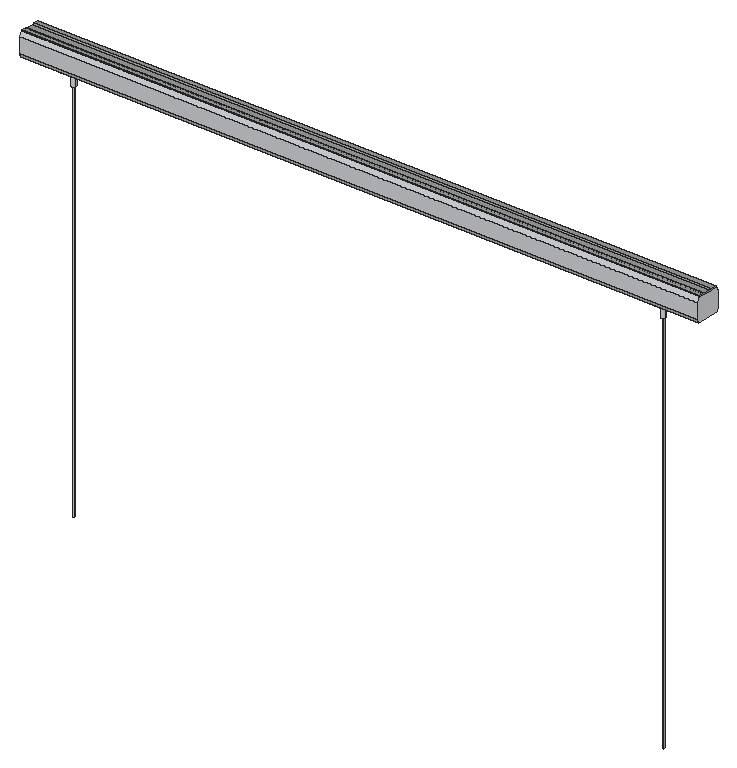
Revit family "0042529 Sylvania Lighting Fixture ISOLINE  1690MM 4K ASYR DA 8C", category Lighting Fixtures, host Face, Revit 2018
Family settings
  Host = Face
  Round Connector Dimension = Use Diameter
  Part Type = Normal
  OmniClass Number = 23.80.70.00
  OmniClass Title = Lighting
  Cut with Voids When Loaded = No
  Light Source = Yes
  Shared = No
  Room Calculation Point = No
Parameters (values of type "0042529 ISOLINE  1690MM 4K ASYR DA 8C")
  suspension height = 1000 mm
  spacer height = 5 mm
  spacer centres = 1000 mm
  height = 58.791 mm
  Width = 62 mm
  Weight = "n/a"
  Wattage Comments = ""
  Wattage = 9.2903 W
  WarrantyStartDate [instance] = "n/a"
  WarrantyGuarantorParts = "n/a"
  WarrantyDurationUnit = "n/a"
  WarrantyDurationParts = ""
  WarrantyDescription = "http://www.sylvania-lighting.com"
  built-in parameter 1150110 = 1 (stored number, unit not read)
  Voltage = 0 V
  URL = "0"
  TypeName = "ISOLINE  1690MM 4K ASYR DA 8C"
  Type Image = <None>
  Type Comments = "n/a"
  built-in parameter 1114217 = 1 (stored number, unit not read)
  Tilt Angle = 90.00°
  built-in parameter 1150109 = 1 (stored number, unit not read)
  built-in parameter 1150134 = 3
  built-in parameter 1150113 = 1 (stored number, unit not read)
  SerialNumber [instance] = "n/a"
  Photometric Web File = "0042529.ies"
  Material_3_FEILO = none
  PowerFactor = 0
  PowerConsumption = "Lighting"
  NominalLength = 62 mm
  NominalHeight = 0 mm
  NominalDepth = 0 mm
  Name = "ISOLINE  1690MM 4K ASYR DA 8C"
  ModelReference = Name  # "ISOLINE  1690MM 4K ASYR DA 8C"
  ModelNumber = "0042529"
  Model = Name  # "ISOLINE  1690MM 4K ASYR DA 8C"
  Material = "Feilo Sylvania"
  ManufacturerName = "143 lm/W"
  Manufacturer = ""
  LuminousEfficacy = ""
  built-in parameter 1150105 = 109.82 (stored number, unit not read)
  Lumens = 1380 lm
  LuminaireType = "0"
  built-in parameter 1150115 = 1 (stored number, unit not read)
  LightOutputRatio = "LED"
  built-in parameter 1150137 = (empty or 0)
  built-in parameter 1150139 = (empty or 0)
  Length = 1690 mm
  LampsType = Lamp  # "n/a"
  LampNominalLuminous = "4000 K"
  LampMacAdamStep = "80"
  LampColourTemperature = "LED"
  LampColourRenderingIndex = "16500"
  built-in parameter 1150112 = 1 (stored number, unit not read)
  built-in parameter 1150114 = 1 (stored number, unit not read)
  Lamp = "n/a"
  Keynote = "n/a"
  InstallationDate [instance] = "n/a"
  InputVoltage = "0"
  InputNominalFrequency = "4000"
  built-in parameter 1150132 = (empty or 0)
  built-in parameter 1150102 = (empty or 0)
  built-in parameter 1150107 = 3200 (stored number, unit not read)
  built-in parameter 1150138 = (empty or 0)
  IngressProtection = "IfcLightFixtureType"
  ImpactProtectionIndex = "IfcLightFixtureType"
  built-in parameter 1150106 = 1.0982 (stored number, unit not read)
  IfcExportType = "IfcLightFixtureType"
  IfcExportAs = "Class I"
  Height = 1000 mm
  ExpectedLife = 50000
  Emit from Circle Diameter = 609.6 mm
  Emit Shape Visible in Rendering = no
  ElectricShockClassification = "143"
  built-in parameter 1150104 = 13.8 (stored number, unit not read)
  DurationUnit = "hours"
  DocumentationLiterature = "http://www.sylvania-lighting.com/product/en-int/products/0042529"
  DimmingControlOptions = "n/a"
  Material_2_FEILO = none
  Dimming Lamp Color Temperature Shift = <None>
  Description = "Isoline LED linear DALI dimmable luminaire for industrial and commercial applications. 1690 mm lenght with asymmetrical (Right) optics provide homogenous light distribution for wide, shelf areas. Suitable for DALI Dimming.  Aluminium housing, RAL 9016. Max + 35 °C operating temperature range, 4000 K, CRI 80, 3 SDMC. 56 W power consumption, 8000 lm luminous flux, 143 lm/W efficacy, 1690 mm x 62 mm x 59 mm (L x W x H) dimensions, IP20, IK03, DC 50/60 Hz, Class I. Lifespan L70:B50 60,000 hours."
  Default Elevation = 1219.2 mm
  CreatedOn = "04/03/2021"
  CreatedBy = "@sylvania-lighting.com"
  Cost = 0
  Color Filter = 16777215
  built-in parameter 1114216 [instance] = (empty or 0)
  ClassificationValue = "EF_70_80"
  ClassificationName = "Uniclass2015"
  Material_1_FEILO = none
  BarCode [instance] = "n/a"
  built-in parameter 1114218 = 1 (stored number, unit not read)
  built-in parameter 1150133 = 10 (stored number, unit not read)
  AssetType = "Fixed"
  AssetIdentifier [instance] = "n/a"
  Assembly Code = "D5020200"
  Apparent Load = 56 VA
  Material_4_FEILO = none
Reference planes
  plane 1 "Center (Front/Back)": y = 0
  plane 2: z = 0
  plane 3 "Center (Left/Right)": x = 0
  plane 4: z = 0
  plane 5: z = 1000
  plane 6: y = 31
  plane 7: y = -31
  plane 8: x = -845
  plane 9: x = 845
  plane 10: x = -37.307
  plane 11: x = 55
  plane 12: z = 1058.791
  plane 13: z = 51
  plane 14: y = -27
  plane 15: y = 27
  plane 16: z = 12
  plane 17: y = -24.969
  plane 18: y = 25
  plane 19: y = 12
  plane 20: y = -12
  plane 21: z = 1.634
  plane 22: y = -8
  plane 23: y = 8
  plane 24: z = 995
  plane 25: y = 26.98
  plane 26: y = 16.98
  plane 27: y = -27.027
  plane 28: y = -17.004
  plane 29: z = 996.5
  plane 30: y = 26.002
  plane 31: y = -26.027
  plane 32: through (-1580, 7.965, 1219.2) normal (0.5391, 0.8423, 0)
  plane 33: through (-1555, 7.965, 1219.2) normal (0.5391, -0.8423, 0)
  plane 34: through (1555, 7.965, 1219.2) normal (0.5391, 0.8423, 0)
  plane 35: through (1580, 8, 1219.2) normal (0.5399, -0.8417, 0)
  plane 36: z = 1058.003
  plane 37: z = 1056.819
  plane 38: x = -735
  plane 39: x = 735
Forms (mm)
  Extrusion 1, solid, detail levels medium+fine
    sketch origin (-1690, -1523.717, -160.594) x (0, -1, -0.000261) y (0, 0.000261, -1)
      loop
        line (-1493, -1168.2) -> (-1497, -1160.2) -> (-1551, -1160.2) -> (-1555, -1168.2) -> (-1555, -1207.2) -> (-1549.109, -1218.982) -> (-1535.466, -1218.982) -> (-1532, -1217.566) -> (-1516, -1217.566) -> (-1512.511, -1218.991) -> (-1498.896, -1218.991) -> (-1493, -1207.2) -> (-1493, -1168.2)
    from 845 to 2535
  Extrusion 2, solid
    sketch origin (722.452, 1524, 1219.247) x (0, 1, 0) y (0, 0, 1)
      loop
        line (-1497.021, -219.189) -> (-1498.02, -219.189) -> (-1507.02, -223.699) -> (-1541.004, -223.699) -> (-1550.017, -219.203) -> (-1551.02, -219.203) -> (-1541.004, -224.2) -> (-1507.02, -224.2) -> (-1497.021, -219.189)
    from 0 to 25
  Extrusion 3, solid
    sketch origin (-747.495, 1524, 1219.189) x (0, 1, 0) y (0, 0, 1)
      loop
        line (-1497.021, -219.189) -> (-1498.02, -219.189) -> (-1507.02, -223.699) -> (-1541.004, -223.699) -> (-1550.017, -219.203) -> (-1551.02, -219.203) -> (-1541.004, -224.2) -> (-1507.02, -224.2) -> (-1497.021, -219.189)
    from 0 to 25
  Extrusion 4, solid
    sketch origin (836.384, 0, 0) x (1, 0, 0) y (0, 1, 0)
      loop
        circle (-1571.7, -0.035) r 5
    from 962.277 to 995
  Extrusion 5, solid
    sketch origin (2306.545, 0.065, 0) x (1, 0, 0) y (0, 1, 0)
      loop
        circle (-1571.7, -0.035) r 5
    from 962.277 to 995
  Extrusion 6, solid
    sketch origin (836.717, 0, 0) x (1, 0, 0) y (0, 1, 0)
      loop
        circle (-1571.7, -0.035) r 1.5
    from 0 to 962.277
  Extrusion 7, solid
    sketch origin (2306.663, 0.033, 0) x (1, 0, 0) y (0, 1, 0)
      loop
        circle (-1571.7, -0.035) r 1.5
    from 0 to 962.277
  Extrusion 8, solid, material "Glass, White, High Luminance", detail levels fine
    sketch origin (319, 1524, 1219.2) x (0, 1, 0) y (0, 0, 1)
      loop
        line (-1498.926, -160.099) -> (-1512.703, -160.099) -> (-1516.213, -161.534) -> (-1531.9, -161.534) -> (-1535.47, -160.114) -> (-1549.12, -160.114) -> (-1549.12, -161.197) -> (-1535.782, -161.197) -> (-1532.805, -162.381) -> (-1515.468, -162.381) -> (-1512.929, -161.197) -> (-1498.926, -161.197) -> (-1498.926, -160.099)
    from -1164 to 526
  Extrusion 9, solid, detail levels coarse
    sketch origin (319, 1524, 1219.2) x (0, 1, 0) y (0, 0, 1)
      loop
        line (-1493, -160.052) -> (-1555, -160.052) -> (-1555, -1219.2) -> (-1493, -1219.2) -> (-1493, -160.052)
    from -1164 to 526
Dimensions and locks
  "Width": plane 6 to plane 7
  equal spacing: plane 6, plane 1 "Center (Front/Back)", plane 7
  "Length": plane 8 to plane 9
  equal spacing: plane 8, plane 3 "Center (Left/Right)", plane 9
  "height": plane 12 to plane 5
  "suspension height": plane 5 to level
  aligned and locked: host face to plane 2
  aligned and locked: host face to level
Automatic sketch dimensions
  host sketch curve to host sketch curve = 3582.803 mm
  host sketch curve to host sketch curve = 2438.4 mm
  Extrusion 1 sketch curve to plane 25 = 0 mm
  Extrusion 1 sketch curve to plane 6 = 0.033 mm
  Extrusion 1 sketch curve to plane 12 = 11.778 mm
  Extrusion 1 sketch curve to Extrusion 1 sketch curve = 4 mm  (x2)
  Extrusion 1 sketch curve to Extrusion 1 sketch curve = 5.891 mm
  Extrusion 1 sketch curve to Extrusion 1 sketch curve = 13.643 mm
  Extrusion 1 sketch curve to Extrusion 1 sketch curve = 3.466 mm
  Extrusion 1 sketch curve to Extrusion 1 sketch curve = 16 mm
  Extrusion 1 sketch curve to Extrusion 1 sketch curve = 3.489 mm
  Extrusion 1 sketch curve to Extrusion 1 sketch curve = 13.615 mm
  Extrusion 1 sketch curve to Extrusion 1 sketch curve = 54 mm
  Extrusion 1 sketch curve to Extrusion 1 sketch curve = 47 mm
  Extrusion 1 sketch curve to Extrusion 1 sketch curve = 10.366 mm
  Extrusion 1 sketch curve to Extrusion 1 sketch curve = 1.425 mm
  Extrusion 1 sketch curve to Extrusion 1 sketch curve = 11.782 mm
  Extrusion 1 sketch curve to Extrusion 1 sketch curve = 8 mm  (x2)
  Extrusion 2 sketch curve to plane 28 = 0 mm  (x2)
  Extrusion 2 sketch curve to plane 26 = 0 mm  (x2)
  plane 5 to Extrusion 2 sketch curve = 0.058 mm
  Extrusion 2 sketch curve to plane 31 = 0.01 mm
  Extrusion 2 sketch curve to plane 27 = 0.007 mm
  plane 30 to Extrusion 2 sketch curve = 0.022 mm
  plane 25 to Extrusion 2 sketch curve = 0.001 mm
  plane 5 to Extrusion 2 sketch curve = 0.044 mm
  plane 24 to Extrusion 2 sketch curve = 0.547 mm
  plane 24 to Extrusion 2 sketch curve = 0.047 mm
  Extrusion 3 sketch curve to plane 28 = 0 mm  (x2)
  Extrusion 3 sketch curve to plane 26 = 0 mm  (x2)
  Extrusion 3 sketch curve to plane 5 = 0 mm
  Extrusion 3 sketch curve to plane 31 = 0.01 mm
  Extrusion 3 sketch curve to plane 27 = 0.007 mm
  plane 30 to Extrusion 3 sketch curve = 0.022 mm
  plane 25 to Extrusion 3 sketch curve = 0.001 mm
  Extrusion 3 sketch curve to plane 5 = 0.014 mm
  plane 24 to Extrusion 3 sketch curve = 0.489 mm
  Extrusion 3 sketch curve to plane 24 = 0.011 mm
  plane 32 to Extrusion 4 sketch curve = 448.592 mm
  plane 33 to Extrusion 4 sketch curve = 448.592 mm
  Extrusion 5 sketch curve to plane 1 "Center (Front/Back)" = 0.029 mm
  plane 32 to Extrusion 6 sketch curve = 448.771 mm
  plane 33 to Extrusion 6 sketch curve = 448.771 mm
  plane 1 "Center (Front/Back)" to Extrusion 7 sketch curve = 0.002 mm
  Extrusion 8 sketch curve to plane 36 = 0 mm  (x2)
  Extrusion 8 sketch curve to plane 37 = 0 mm
  plane 17 to Extrusion 8 sketch curve = 0.151 mm
  Extrusion 8 sketch curve to plane 20 = 0.218 mm
  plane 12 to Extrusion 8 sketch curve = 0.295 mm
  Extrusion 8 sketch curve to plane 20 = 0.53 mm
  plane 22 to Extrusion 8 sketch curve = 0.805 mm
  Extrusion 8 sketch curve to plane 22 = 0.1 mm
  plane 23 to Extrusion 8 sketch curve = 0.213 mm
  Extrusion 8 sketch curve to plane 23 = 0.532 mm
  plane 19 to Extrusion 8 sketch curve = 0.929 mm
  Extrusion 8 sketch curve to plane 18 = 0.074 mm
  plane 37 to Extrusion 8 sketch curve = 0.848 mm
  plane 19 to Extrusion 8 sketch curve = 0.703 mm
  plane 12 to Extrusion 8 sketch curve = 0.31 mm
  Extrusion 9 sketch curve to plane 7 = 0 mm
  Extrusion 9 sketch curve to plane 6 = 0 mm
  Extrusion 9 sketch curve to plane 29 = 996.5 mm
  plane 12 to Extrusion 9 sketch curve = 0.357 mm
  Extrusion 5 sketch curve to plane 39 = 0.155 mm
  Extrusion 7 sketch curve to plane 39 = 0.037 mm
  radius of Extrusion 4 sketch curve = 5 mm
  radius of Extrusion 5 sketch curve = 5 mm
  radius of Extrusion 6 sketch curve = 1.5 mm
  radius of Extrusion 7 sketch curve = 1.5 mm
Connectors
  electrical at (0, -0.02, 1000.004)
    settings: on Extrusion 1, index 1, voltage 0 V, apparent load 0 VA, apparent load phase1 0 VA, apparent load phase2 0 VA, apparent load phase3 0 VA, power factor 1, load classification "Other", number of poles 1, system type 31, power factor state 1, is connector primary yes, connector utility no, sub classification motor no, connector description ""
